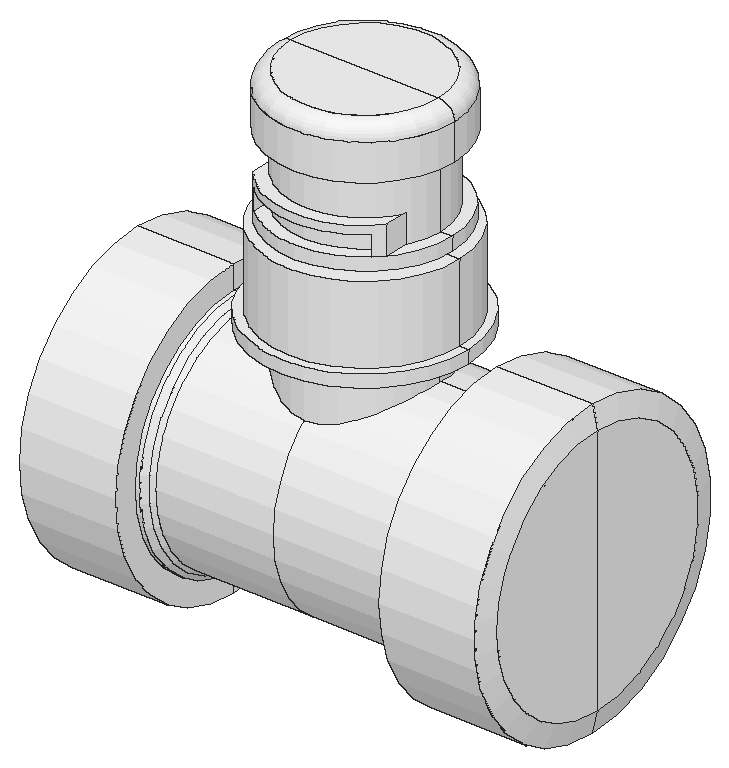
Revit family "HL_Вентиляционный клапан_HL902T-40", category Příslušenství trubek, Revit 2016
Family settings
  Typ součásti = Zalomí se do
  Kóta kulaté spojky = Použít průměr
  Číslo OmniClass = 23.70.50.21
  Nadpis OmniClass = Liquid Waste Collection and Removal
  Založené na pracovní rovině = Ne
  Vždy vertikální = Ano
  Ořezat dutým tvarem při načtení = Ne
  Sdílené = Ne
Parameters (values of type "HL_Вентиляционный клапан_HL902T-40")
  РАЗМЕР = "DN40 x 6/4\" x 1\""
  ПРОПУСКНАЯ СПОСОБНОСТЬ = 0.0 m³/h
  ПРАВОВАЯ ИНФОРМАЦИЯ = "\"Авторские права(©), права на дизайн или какие либо другие права интелектуальной собственности являются исключительной собственностью компании HL Hutterer & Lechner. Изменению не подлежит. Файл семейства с данными о прозводителе изделия защищен паролем с водяным знаком.\""
  НОМИНАЛЬНЫЙ ДИАМЕТР = 32 mm
  МАТЕРИАЛ = "PP"
  ВЕС = "0,08 kg"
  Výrobce = "HL Hutterer & Lechner GmbH"
  URL = "http://www.hutterer-lechner.com/ru/products/catalog/roof-drains/HL902T/40.aspx"
  Popis = "Вентиляционный клапан"
  Model = "HL902T-40"
  материал = Plactic - White
  Komentáře k typům = "Вентиляционный клапан 1\" с Т-образным соединением DN40 х 6/4\""
  Keynote = "HL902T-40"
  EAN = "9003076004850"
  Cena = 0
Reference planes
  plane 1 "Střed (vpředu/vzadu)": y = 0
  plane 2: z = 0
  plane 3 "Střed (vlevo/vpravo)": x = 0
Forms (mm)
  Revolve 1, solid, material "Plactic - White" <- "материал", detail levels fine
    sketch origin (0, 0, 0) x (1, 0, 0) y (0, 0, 1)
      loop
        line (0, 27.15) -> (0, 0) -> (14.528, 0) -> (14.528, 27.15) -> (0, 27.15)
      axis (0, 0) -> (0, 27.15)
    angle from 0 to 360
  Revolve 2, solid, material "Plactic - White" <- "материал", detail levels fine
    sketch origin (0, 0, 0) x (1, 0, 0) y (0, 0, 1)
      loop
        line (45, 0) -> (45, 24.338) -> (43.962, 28.5) -> (25.5, 28.5) -> (25.5, 23.899) -> (24.509, 23.899) -> (23.495, 22.884) -> (22.782, 22.171) -> (0, 22.171) -> (-22.782, 22.171) -> (-23.495, 22.884) -> (-24.509, 23.899) -> (-25.5, 23.899) -> (-25.5, 28.5) -> (-43.962, 28.5) -> (-45, 24.338) -> (-45, 0) -> (45, 0)
      axis (-45, 0) -> (45, 0)
    angle from 0 to 360
Lines and regions (mm)
  reference lines
    curve 1: line (0, 0, 0) -> (41, 0, 0)
    curve 2: line (0, 0, 0) -> (-41, 0, 0)
  model lines, detail levels coarse+medium
    curve 3: line (41, 0, 0) -> (-41, 0, 0)
    curve 4: line (0, 0, 0) -> (0, 0, 27.15)
  symbolic lines, detail levels coarse+medium
    curve 5: line (41, 0, 0) -> (-41, 0, 0)
Dimensions and locks
  aligned and locked: level to plane 2
  aligned and locked: plane 3 "Střed (vlevo/vpravo)" to curve 1
Nested families
  nested 1: "HL_Вентиляционный клапан_HL902" at (0, 0, 27.15), type "HL_Вентиляционный клапан_HL902"
Connectors
  piping at (41, 0, 0), diameter 32, driven by "ПРОПУСКНАЯ СПОСОБНОСТЬ", driven by "НОМИНАЛЬНЫЙ ДИАМЕТР"
    settings: on curve 1, index 1, connector inside diameter 609.6 mm, connector length 0 mm, flow factor 0, pipe flow 0.0 m³/h, pressure drop 0.0 Pa, fitting loss kfactor 0, connector angle 0.00°, fixture units 0, engagement length 0 mm, angle of deflection 0.00°, flow configuration 0, flow direction 0, fitting loss method 0, system type 16, joint type 0, gender type 0, connector reference index -1, connector utility 0, adjustable connector no, is connector primary yes, connector description ""
  piping at (-41, 0, 0), diameter 32, driven by "ПРОПУСКНАЯ СПОСОБНОСТЬ", driven by "НОМИНАЛЬНЫЙ ДИАМЕТР"
    settings: on curve 2, index 2, connector inside diameter 609.6 mm, connector length 0 mm, flow factor 0, pipe flow 0.0 m³/h, pressure drop 0.0 Pa, fitting loss kfactor 0, connector angle 0.00°, fixture units 0, engagement length 0 mm, angle of deflection 0.00°, flow configuration 0, flow direction 0, fitting loss method 0, system type 16, joint type 0, gender type 0, connector reference index -1, connector utility 0, adjustable connector no, is connector primary no, connector description ""
Definition of nested family "HL_Вентиляционный клапан_HL902"
  Parameters (values of type "HL_Вентиляционный клапан_HL902")
    РАЗМЕР = "1 \""
    ПРАВОВАЯ ИНФОРМАЦИЯ = "\"Авторские права(©), права на дизайн или какие либо другие права интелектуальной собственности являются исключительной собственностью компании HL Hutterer & Lechner. Изменению не подлежит. Файл семейства с данными о прозводителе изделия защищен паролем с водяным знаком.\""
    НОМИНАЛЬНЫЙ ДИАМЕТР = 25 mm
    МАТЕРИАЛ = "PP"
    ВЕС = "0,03 kg"
    Manufacturer = "HL Hutterer & Lechner GmbH"
    URL = "http://www.hutterer-lechner.com/ru/products/catalog/roof-drains/HL902.aspx"
    Description = "Вентиляционный клапан"
    Model = "HL902"
    материал = none
    Type Comments = "Вентиляционный клапан 1\""
    Keynote = "HL902"
    EAN = "9003076909025"
    Cost = 0
  Reference planes
    plane 1 "Střed (vpředu/vzadu)": y = 0
    plane 2: z = 0
    plane 3 "Střed (vlevo/vpravo)": x = 0
  Forms (mm)
    Revolve 1, solid, material <- "материал", detail levels fine
      sketch origin (0, 0, 0) x (1, 0, 0) y (0, 0, 1)
        loop
          line (0, 44) -> (0, 0) -> (20.14, 0) -> (20.14, 2.493) -> (18.396, 2.493) -> (18.396, 17.5) -> (12.29, 17.5) -> (12.29, 18.5) -> (17.018, 18.5) -> (17.018, 21) -> (14.588, 21) -> (14.588, 34) -> (17.293, 34) -> (17.293, 40.997)
          arc (17.293, 40.997) -> (16.414, 43.12) -> (14.29, 44) r 3.003
          line (14.29, 44) -> (0, 44)
        axis (0, 44) -> (0, 0)
      angle from 0 to 360
    Extrusion 2, solid, material <- "материал", detail levels fine
      sketch origin (0, 0, 0) x (1, 0, 0) y (0, 0, 1)
        loop
          line (13, 26.5) -> (-13, 26.5) -> (-13, 21) -> (-11.5, 21) -> (-11.5, 25) -> (11.5, 25) -> (11.5, 21) -> (13, 21) -> (13, 26.5)
      from 0 to 22.44
    Extrusion 3, void
      sketch origin (0, 0, 0) x (1, 0, 0) y (0, 1, 0)
        loop
          line (-13, -10.982) -> (-23, -10.982) -> (-23, -25.982) -> (0, -25.982) -> (23, -25.982) -> (23, -10.982) -> (13, -10.982)
          arc (13, -10.982) -> (0, -17.294) -> (-13, -10.982) r 16.543
      from 0 to 100
  Cuts and joins
    Extrusion 3 cuts Extrusion 2
  Lines and regions (mm)
    model lines, detail levels coarse+medium
      curve 1: line (40, 0, 0) -> (0, 0, 40)
      curve 2: line (-40, 0, 0) -> (0, 0, 40)
    symbolic lines, detail levels coarse+medium
      curve 3: line (-30, 0, 0) -> (0, -30, 0)
      curve 4: line (30, 0, 0) -> (0, -30, 0)
  Dimensions and locks
    aligned and locked: level to plane 2
  Connectors
    piping at (0, 0, 0), diameter 25, driven by "НОМИНАЛЬНЫЙ ДИАМЕТР"
      settings: on plane 2, index 1, connector inside diameter 609.6 mm, connector length 0 mm, flow factor 0, pipe flow 0.0 m³/h, pressure drop 0.0 Pa, fitting loss kfactor 0, connector angle 0.00°, fixture units 0, engagement length 0 mm, angle of deflection 0.00°, flow configuration 0, flow direction 0, fitting loss method 0, system type 29, joint type 0, gender type 0, connector reference index -1, connector utility 0, adjustable connector no, is connector primary yes, connector description ""
